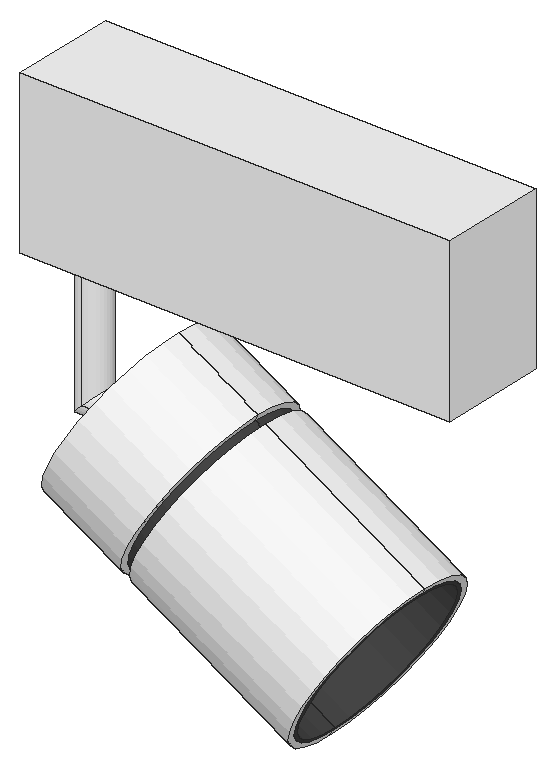
Revit family "Lighting-Track-Reggiani-Yori_60mm-10W", category Apparecchi per illuminazione, Revit 2015
Parameters (values of type "Reggiani Yori TD92 white 10 w")
  youtube = ""
  control = "Ø. = ON/OFF, D. = DALI, V. = DIMM 1-10V, T"
  Youtube clip = ""
  Weight Net (Kg) = 0.55
  Wattage = 5.40588 W
  Uniclass 2.0 Description = ""
  Uniclass 2.0 Code = ""
  Uniclass 1.4 Description = ""
  Uniclass 1.4 Code = ""
  URL to photometrics = "http://bimobject.com/en/product/downloadobjectfile?id=4151d1bf-0bf5-486a-b7a1-b3dae4d6d0d7"
  UNSPSC name = "Lighting Fixtures and Accessories"
  UNSPSC Code = "3911"
  Technical description = "http://www.reggiani.net/wp-content/plugins/icon-catalog/icon-catalog-assets/1/3/gen_file_20/yori_track.pdf"
  Region South America = "None"
  Region Oceania = "None"
  Region North America = "AG, AI, AN, AW, BB, BL, BM, BQ, BS, BZ, CA, CR, CU, CW, DM, DO, GD, GL, GP, GT, HN, HT, JM, KN, KY, LC, MF, MQ, MS, MX, NI, PA, PM, PR, SV, SX, TC, TT, US, VC, VG, VI"
  Region Middle East = "None"
  Region Europe = "AD, AL, AT, AX, BA, BE, BG, BY, CH, CS, CY, CZ, DE, DK, EE, ES, FI, FO, FR, GB, GG, GI, GR, HR, HU, IE, IM, IS, IT, JE, LI, LT, LU, LV, MC, MD, ME, MK, MT, NL, NO, PL, PT, RO, RS, RU, SE, SI, SJ, SK, SM, UA, VA, XK"
  Region Asia = "None"
  Region Antarctica = "None"
  Region Africa = "None"
  QR code = "http://bimobject.com/reggiani/product/yori_track_60"
  Product group = "Yori"
  Product family = "Track fixture"
  Product data url = "http://bimobject.com/reggiani/product/yori_track_60"
  Product certification = ""
  Product SKU = "yori_track_60"
  Product Guid = "a4baa793-f88c-4ca5-a32b-6ffec7d65a65"
  Nominal width = 60
  Nominal height = 90
  NBS Reference Description = ""
  NBS Reference Code = ""
  Material secondary = "Glass"
  Material main = "Aluminium"
  Manufacturer name = "Reggiani"
  Manufacturer country = "Italy"
  Installation instructions = "http://www.reggiani.net/wp-content/plugins/icon-catalog/icon-catalog-assets/1/3/gen_file_8/yori_track.pdf"
  IFC Classification = "Light Fixture"
  Edition number = 1
  EAN code = ""
  Variazione temperatura colore lampada con luminosità attenuata = <Nessuno>
  Url Photometric = ""
  URL = "http://www.reggiani.net/en/catalog-search/?searchfor=Yori&type=product&lang=en"
  built-in parameter 1150107 = 2700 (stored number, unit not read)
  Rot photometric [instance] = Rotation  # 30.00°
  Ring = Reggiani Nero
  Produttore = "Reggiani illuminazione spa"
  built-in parameter 1150110 = 1 (stored number, unit not read)
  built-in parameter 1150109 = 1 (stored number, unit not read)
  Design country = "Italy"
  Date of publishing = "2015-10-01"
  COBIe Type Category = ""
  built-in parameter 1114218 = 1 (stored number, unit not read)
  built-in parameter 1150112 = 1 (stored number, unit not read)
  Modello = "Reggiani Yori  TD 92w"
  built-in parameter 1150137 = (empty or 0)
  built-in parameter 1150132 = 2
  Lens frame = Reggiani Nero
  Lampada = "Led"
  built-in parameter 1150105 = 5174.2 (stored number, unit not read)
  built-in parameter 1150102 = (empty or 0)
  built-in parameter 1150106 = 51.742 (stored number, unit not read)
  Home Company = "http://www.reggiani.net/en/?lang=en"
  Lumens = 803 lm
  Color Filter = 16777215
  File diagramma fotometrico = "TD921_HW_LED_15 deegrees beam._3000K_803lm_CRI90.ies"
  built-in parameter 1114217 = 1 (stored number, unit not read)
  built-in parameter 1150139 = (empty or 0)
  built-in parameter 1150104 = 13.8 (stored number, unit not read)
  Docking up = Reggiani Bianco
  Docking = Reggiani Bianco
  built-in parameter 1150115 = 1 (stored number, unit not read)
  built-in parameter 1150114 = 1 (stored number, unit not read)
  built-in parameter 1150113 = 1 (stored number, unit not read)
  Descrizione = "Minimalism and rigour in the service of functionality, Yori is a high performance luminaire with a compact footprint. Two simple bodies combined by a simple joint allow the optical section to be adjusted. Yori is designed for the most innovative LED and metal halide lamps, and is configured for mounting on tracks, inside channels, recessed, onto surfaces and inside grooves in ceilings, thanks to the new versi ..."
  Data Sheet = "http://www.reggiani.net/wp-content/plugins/icon-catalog/icon-catalog-assets/1/3/gen_file_20/yori_track.pdf"
  built-in parameter 1150134 = (empty or 0)
  built-in parameter 1150138 = (empty or 0)
  Box internal = Reggiani Nero
  Box closed = Reggiani Bianco
  Rotation [instance] = 30.00°
  Lens = Lente Yori polic trasparente
  Angolo inclinazione = 90.00°
  BIMobject category = "Lighting"
  built-in parameter 1150133 = 10 (stored number, unit not read)
Types (3, lengths in mm): name | UNSPSC name | built-in parameter 1150107 | Rot photometric | Modello | Docking up | Docking | Box closed | Rotation
  (no name) | "Lighting Fixtures and Accessories" | 2700 (stored number, unit not read) | 30.00° | "Reggiani Yori  TD 92w" | Reggiani Bianco | Reggiani Bianco | Reggiani Bianco | 30.00°
  Reggiani Yori TD92 white 10 w | "Lighting Fixtures and Accessories" | 2700 (stored number, unit not read) | 30.00° | "Reggiani Yori  TD 92w" | Reggiani Bianco | Reggiani Bianco | Reggiani Bianco | 30.00°
  Reggiani Yori TD92 Black  10 w | "" | 3000 (stored number, unit not read) | 50.00° | "Reggiani Yori  TD 92 w" | Reggiani Nero | Reggiani Nero | Reggiani Nero | 50.00°
Reference planes
  plane 1 "Asse sorgente illuminazione (F/B)": y = 0
  plane 2: z = 0
  plane 3 "Asse sorgente illuminazione (L/R)": x = 0
  plane 4 "Prospetto sorgente di illuminazione": z = 1400
Forms (mm)
  Revolve 1, solid, material "Reggiani Bianco" <- "Box closed"
    sketch origin (-34.433, 0, 1396.874) x (0.866025, 0, -0.5) y (0.5, 0, 0.866025)
      loop
        line (30, -28) -> (30, -30) -> (59, -30) -> (59, -26) -> (57, -26) -> (57, -28) -> (30, -28)
      loop
        line (62, -26) -> (62, -30) -> (120, -30) -> (120, -28) -> (64, -28) -> (64, -26) -> (62, -26)
      axis (30, 0) -> (120, 0)
    angle from 0 to 360
  Revolve 2, solid, material "Lente Yori polic trasparente" <- "Lens"
    sketch origin (-32.45, 0, 1395.729) x (0.866025, 0, -0.5) y (0.5, 0, 0.866025)
      loop
        line (88.934, 0) -> (88.934, -28) -> (90, -28) -> (90, 0) -> (88.934, 0)
      axis (88.934, 0) -> (90, 0)
    angle from 0 to 360
  Revolve 3, solid, material "Reggiani Bianco" <- "Box closed"
    sketch origin (-8.452, 0, 1381.874) x (0.866025, 0, -0.5) y (0.5, 0, 0.866025)
      loop
        line (0, 0) -> (0, -28) -> (1.932, -28) -> (1.932, 0) -> (0, 0)
      axis (1.932, 0) -> (0, 0)
    angle from 0 to 360
  Revolve 4, solid, material "Reggiani Nero" <- "Box internal"
    sketch origin (-8.452, 0, 1381.874) x (0.866025, 0, -0.5) y (0.5, 0, 0.866025)
      loop
        line (34, -27) -> (34, -28) -> (90, -28) -> (90, -27) -> (34, -27)
      axis (34, 0) -> (90, 0)
    angle from 0 to 360
  Revolve 5, solid, material "Reggiani Nero" <- "Lens frame"
    sketch origin (-8.452, 0, 1381.874) x (0.866025, 0, -0.5) y (0.5, 0, 0.866025)
      loop
        line (62.29, -28) -> (63.29, -28) -> (63.29, -20) -> (62.29, -20) -> (62.29, -28)
      axis (62.29, 0) -> (63.29, 0)
    angle from 0 to 360
  Revolve 6, solid, material "Reggiani Nero" <- "Ring"
    sketch origin (-8.452, 0, 1381.874) x (0.866025, 0, -0.5) y (0.5, 0, 0.866025)
      loop
        line (32, -26) -> (29, -26) -> (29, -28.007) -> (32, -28.007) -> (32, -26)
      axis (29, 0) -> (32, 0)
    angle from 0 to 360
  Extrusion 7, solid, material "Reggiani Bianco" <- "Docking up"
    sketch origin (-53, 9.364, 0) x (1, 0, 0) y (0, 0, 1)
      loop
        line (23, 1476.075) -> (23, 1425.075) -> (158.799, 1425.075) -> (158.799, 1476.075) -> (23, 1476.075)
    from -7.571 to 26.299
  Sweep 8, solid, material "Reggiani Bianco" <- "Docking"
    path origin (0, 0, 1400) x (0.999848, 0, -0.017452) y (0.017452, 0, 0.999848)
      loop
        line (-20.435, 24.722) -> (-19.649, -20.271) -> (1.743, -19.898)
    profile origin (-20, 0, 1402.575) x (0, -1, 0) y (1, 0, 0)
      loop
        circle (0, 0) r 5
Lines and regions (mm)
  reference lines
    curve 1: line (0, 0, 1400) -> (658.179, 0, 1020)
Dimensions and locks
  locked: Extrusion 7 to Extrusion 7 at 33.87
  "Rotation": angle curve 1 to plane 4 "Prospetto sorgente di illuminazione"
  "Rot photometric": angle imposter light to plane 4 "Prospetto sorgente di illuminazione"
  aligned and locked: plane 2 to level
Automatic sketch dimensions
  curve 1 to Revolve 1 sketch curve = 1.743 mm  (x2)
  Revolve 1 sketch curve to curve 1 = 49.924 mm
  Revolve 1 sketch curve to curve 1 = 47.924 mm
  curve 1 to Revolve 1 sketch curve = 19.924 mm
  curve 1 to Revolve 1 sketch curve = 28.743 mm
  Revolve 1 sketch curve to Revolve 1 sketch curve = 2 mm  (x5)
  Revolve 1 sketch curve to Revolve 1 sketch curve = 3 mm
  Revolve 1 sketch curve to Revolve 1 sketch curve = 56 mm
  Revolve 1 sketch curve to Revolve 1 sketch curve = 0 mm  (x2)
  curve 1 to Revolve 2 sketch curve = 19.924 mm  (x2)
  curve 1 to Revolve 2 sketch curve = 47.924 mm
  curve 1 to Revolve 2 sketch curve = 62.967 mm
  Revolve 2 sketch curve to Revolve 2 sketch curve = 1.066 mm
  curve 1 to Revolve 2 sketch curve = 24.454 mm
  Revolve 2 sketch curve to Revolve 2 sketch curve = 16.706 mm
  curve 1 to Revolve 3 sketch curve = 1.743 mm
  curve 1 to Revolve 3 sketch curve = 19.924 mm  (x2)
  Revolve 3 sketch curve to curve 1 = 47.924 mm
  curve 1 to Revolve 3 sketch curve = 3.675 mm
  Revolve 3 sketch curve to Revolve 3 sketch curve = 5.07 mm
  Revolve 3 sketch curve to Revolve 3 sketch curve = 10 mm
  curve 1 to Revolve 4 sketch curve = 35.743 mm
  curve 1 to Revolve 4 sketch curve = 47.924 mm
  curve 1 to Revolve 4 sketch curve = 19.924 mm
  curve 1 to Revolve 4 sketch curve = 46.924 mm
  Revolve 4 sketch curve to Revolve 4 sketch curve = 56 mm
  Revolve 4 sketch curve to Revolve 4 sketch curve = 21 mm
  Revolve 4 sketch curve to Revolve 4 sketch curve = 10 mm
  curve 1 to Revolve 5 sketch curve = 39.924 mm
  curve 1 to Revolve 5 sketch curve = 64.034 mm
  curve 1 to Revolve 5 sketch curve = 47.924 mm
  curve 1 to Revolve 5 sketch curve = 19.924 mm
  Revolve 5 sketch curve to Revolve 5 sketch curve = 1 mm
  Revolve 5 sketch curve to Revolve 5 sketch curve = 5 mm
  Revolve 5 sketch curve to Revolve 5 sketch curve = 10 mm
  curve 1 to Revolve 6 sketch curve = 30.743 mm
  curve 1 to Revolve 6 sketch curve = 47.931 mm
  curve 1 to Revolve 6 sketch curve = 19.924 mm
  Revolve 6 sketch curve to Revolve 6 sketch curve = 3 mm
  Revolve 6 sketch curve to Revolve 6 sketch curve = 4.136 mm
  Revolve 6 sketch curve to Revolve 6 sketch curve = 6.617 mm
  Revolve 6 sketch curve to Revolve 6 sketch curve = 2.007 mm
  Extrusion 7 sketch curve to plane 4 "Prospetto sorgente di illuminazione" = 25.075 mm
  Extrusion 7 sketch curve to plane 3 "Asse sorgente illuminazione (L/R)" = 30 mm
  plane 3 "Asse sorgente illuminazione (L/R)" to Extrusion 7 sketch curve = 105.799 mm
  Extrusion 7 sketch curve to Extrusion 7 sketch curve = 51 mm
  Sweep 8 sketch curve to curve 1 = 20.435 mm
  Sweep 8 sketch curve to curve 1 = 20.271 mm
  Sweep 8 sketch curve to curve 1 = 19.649 mm
  curve 1 to Sweep 8 sketch curve = 1.743 mm
  Sweep 8 sketch curve to curve 1 = 19.898 mm
  Sweep 8 sketch curve to profile plane = 0 mm
  profile plane to Sweep 8 sketch curve = 0 mm
  curve 1 to plane 3 "Asse sorgente illuminazione (L/R)" = 0 mm
  curve 1 to plane 4 "Prospetto sorgente di illuminazione" = 0 mm
  radius of Sweep 8 sketch curve = 5 mm
